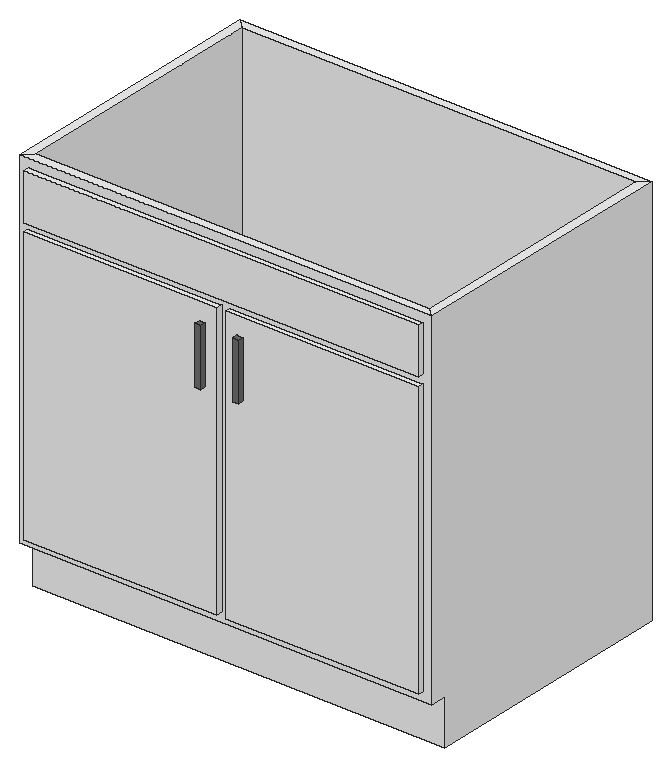
Revit family "M_Armário base-Unidade da pia com porta dupla", category Componentes de gabinete, Revit 2019
Family settings
  Número OmniClass = 23.40.35.17.47.11
  Título OmniClass = Kitchen Casework
  ID de item do Seek = Base Cabinet-Double Door Sink Unit-0000-CAN-ENU
  Com base no plano de trabalho = Não
  Sempre na vertical = Sim
  Corte com vazios quando carregada = Não
  Compartilhado = Não
  Ponto de cálculo do ambiente = Não
Parameters (values of type "900mm")
  Material do armário = none
  Linear = 600 mm
  Material da porta/gaveta = none
  Material do puxador = Armários - Puxadores
  Altura = 860 mm
  Profundidade da plataforma = 35 mm
  Altura do plinto = 100 mm
  Largura = 900 mm
Types (4, lengths in mm): name | Largura
  (no name) | 900
  1000mm | 1000
  900mm | 900
  1200mm | 1200
Reference planes
  plane 1 "Parte posterior": y = 0
  plane 2: z = 0
  plane 3 "Centro": x = 18.738
  plane 4 "Esquerda": x = -431.262
  plane 5 "Direita": x = 468.738
  plane 6 "Parte frontal": y = -600
  plane 7 "Superior": z = 860
  plane 8: y = -565
  plane 9: z = 100
  plane 10: z = 840.95
  plane 11: z = 119.05
  plane 12: x = -412.212
  plane 13: x = 449.688
  plane 14: z = 739.35
  plane 15: z = 720.3
  plane 16: z = 682.2
  plane 17: z = 580.6
  plane 18: x = -16.187
  plane 19: x = -28.887
  plane 20: x = 9.213
  plane 21: x = 28.263
  plane 22: x = 53.663
  plane 23: x = 66.363
  plane 24: z = 419.675
Forms (mm)
  Extrusion 1, solid, material <- "Material do armário"
    sketch origin (0, 0, 0) x (1, 0, 0) y (0, 1, 0)
      loop
        line (-431.262, 0) -> (-431.262, -565) -> (468.738, -565) -> (468.738, 0) -> (-431.262, 0)
    from 0 to 100
  Sweep 2, solid, material <- "Material do armário"
    path origin (0, 0, 0) x (1, 0, 0) y (0, 1, 0)
      loop
        line (468.738, 0) -> (-431.262, 0) -> (-431.262, -600) -> (468.738, -600) -> (468.738, 0)
    profile origin (0, -300, 0) x (1, 0, 0) y (0, 0, 1)
      loop
        line (468.738, 100) -> (468.738, 860) -> (449.688, 860) -> (449.688, 100) -> (468.738, 100)
  Extrusion 3, solid, material <- "Material do armário"
    sketch origin (0, 0, 0) x (1, 0, 0) y (0, 1, 0)
      loop
        line (-412.212, -19.05) -> (-412.212, -580.95) -> (449.688, -580.95) -> (449.688, -19.05) -> (-412.212, -19.05)
    from 119.05 to 100
  Extrusion 4, solid, material <- "Material da porta/gaveta"
    sketch origin (0, -600, 0) x (1, 0, 0) y (0, 0, 1)
      loop
        line (-412.212, 720.3) -> (-412.212, 119.05) -> (9.213, 119.05) -> (9.213, 720.3) -> (-412.212, 720.3)
      loop
        line (28.263, 720.3) -> (28.263, 119.05) -> (449.688, 119.05) -> (449.688, 720.3) -> (28.263, 720.3)
      loop
        line (-412.212, 840.95) -> (-412.212, 739.35) -> (449.688, 739.35) -> (449.688, 840.95) -> (-412.212, 840.95)
    from 0 to 12.7
  Extrusion 5, solid, material "Armários - Puxadores" <- "Material do puxador"
    sketch origin (0, -600, 0) x (1, 0, 0) y (0, 0, 1)
      loop
        line (-28.887, 682.2) -> (-28.887, 557.47) -> (-16.187, 557.47) -> (-16.187, 682.2) -> (-28.887, 682.2)
      loop
        line (53.663, 682.2) -> (53.663, 557.47) -> (66.363, 557.47) -> (66.363, 682.2) -> (53.663, 682.2)
    from 12.7 to 25.4
Cuts and joins
  joined: Extrusion 1, Sweep 2
Lines and regions (mm)
  Masking region 1
    outline origin (0, 0, 0) x (1, 0, 0) y (0, 1, 0)
      loop
        line (-431.262, 0) -> (-431.262, -600) -> (468.738, -600) -> (468.738, 0) -> (-431.262, 0)
  model lines
    curve 1: line (449.688, -600, 739.35) -> (-412.212, -600, 739.35)
    curve 2: line (449.688, -600, 840.95) -> (449.688, -600, 739.35)
    curve 3: line (-412.212, -600, 840.95) -> (449.688, -600, 840.95)
    curve 4: line (-412.212, -600, 739.35) -> (-412.212, -600, 840.95)
    curve 5: line (449.688, -600, 119.05) -> (28.263, -600, 119.05)
    curve 6: line (449.688, -600, 720.3) -> (449.688, -600, 119.05)
    curve 7: line (-412.212, -600, 720.3) -> (9.213, -600, 720.3)
    curve 8: line (-412.212, -600, 119.05) -> (-412.212, -600, 720.3)
    curve 9: line (-28.887, -600, 682.2) -> (-16.187, -600, 682.2)
    curve 10: line (-28.887, -600, 580.6) -> (-28.887, -600, 682.2)
    curve 11: line (-16.187, -600, 580.6) -> (-28.887, -600, 580.6)
    curve 12: line (-16.187, -600, 682.2) -> (-16.187, -600, 580.6)
    curve 13: line (28.263, -600, 119.05) -> (28.263, -600, 720.3)
    curve 14: line (9.213, -600, 119.05) -> (9.213, -600, 720.3)
    curve 15: line (66.363, -600, 682.2) -> (53.663, -600, 682.2)
    curve 16: line (66.363, -600, 580.6) -> (66.363, -600, 682.2)
    curve 17: line (53.663, -600, 580.6) -> (66.363, -600, 580.6)
    curve 18: line (53.663, -600, 682.2) -> (53.663, -600, 580.6)
    curve 19: line (28.263, -600, 720.3) -> (449.688, -600, 720.3)
    curve 20: line (9.213, -600, 119.05) -> (-412.212, -600, 119.05)
  symbolic lines, style "Giro da elevação"
    curve 21: line (9.213, 0, 720.3) -> (-412.212, 0, 419.675)
    curve 22: line (-412.212, 0, 419.675) -> (9.213, 0, 119.05)
    curve 23: line (28.263, 0, 119.05) -> (449.688, 0, 419.675)
    curve 24: line (449.688, 0, 419.675) -> (28.263, 0, 720.3)
Dimensions and locks
  "Linear": plane 6 "Parte frontal" to plane 1 "Parte posterior"
  "Largura": plane 4 "Esquerda" to plane 5 "Direita"
  equal spacing: plane 4 "Esquerda", plane 3 "Centro", plane 5 "Direita"
  "Altura": level to plane 7 "Superior"
  "Altura do plinto": plane 2 to plane 9
  "Profundidade da plataforma": plane 6 "Parte frontal" to plane 8
  locked: plane 4 "Esquerda" to plane 12 at 19.05
  locked: plane 13 to plane 5 "Direita" at 19.05
  locked: plane 7 "Superior" to plane 10 at 19.05
  locked: plane 11 to plane 9 at 19.05
  plane 10 to plane 14 to plane 15 = 101.6 mm locked, 19.05 mm locked
  plane 15 to plane 16 to plane 17 = 38.1 mm locked, 101.6 mm locked
  plane 21 to plane 3 "Centro" to plane 20 = 9.525 mm locked, 9.525 mm locked
  plane 20 to plane 18 to plane 19 = 25.4 mm locked, 12.7 mm locked
  plane 21 to plane 22 to plane 23 = 25.4 mm locked, 12.7 mm locked
  equal spacing: plane 15, plane 24, plane 11
  aligned and locked: plane 1 "Parte posterior" to Extrusion 1 sketch curve
  aligned and locked: Extrusion 1 sketch curve to plane 5 "Direita"
  aligned and locked: Extrusion 1 sketch curve to plane 8
  aligned and locked: plane 4 "Esquerda" to Extrusion 1 sketch curve
  aligned and locked: Extrusion 1 to level
  aligned and locked: Sweep 2 sketch curve to plane 6 "Parte frontal"
  aligned and locked: plane 1 "Parte posterior" to Sweep 2 sketch curve
  aligned and locked: Sweep 2 sketch curve to plane 5 "Direita"  (x2)
  aligned and locked: plane 4 "Esquerda" to Sweep 2 sketch curve
  aligned and locked: plane 7 "Superior" to Sweep 2 sketch curve
  aligned and locked: plane 9 to Sweep 2 sketch curve
  aligned and locked: Sweep 2 to Extrusion 3 sketch curve  (x2)
  aligned and locked: Extrusion 3 sketch curve to Sweep 2  (x2)
  aligned and locked: Extrusion 3 to plane 11
  aligned and locked: Extrusion 3 to plane 9
  aligned and locked: plane 9 to Extrusion 1
  aligned and locked: plane 1 "Parte posterior" to Masking region 1 sketch curve
  aligned and locked: plane 4 "Esquerda" to Masking region 1 sketch curve
  aligned and locked: Masking region 1 sketch curve to plane 6 "Parte frontal"
  aligned and locked: Masking region 1 sketch curve to plane 5 "Direita"
Automatic sketch dimensions
  profile plane to Sweep 2 sketch curve = 19.05 mm
  Extrusion 4 sketch curve to plane 11 = 0 mm  (x2)
  Extrusion 4 sketch curve to plane 12 = 0 mm  (x2)
  Extrusion 4 sketch curve to plane 15 = 0 mm  (x2)
  Extrusion 4 sketch curve to plane 20 = 0 mm
  Extrusion 4 sketch curve to plane 21 = 0 mm
  Extrusion 4 sketch curve to plane 10 = 0 mm
  Extrusion 4 sketch curve to plane 13 = 0 mm  (x2)
  Extrusion 4 sketch curve to plane 14 = 0 mm
  Extrusion 5 sketch curve to plane 19 = 0 mm
  Extrusion 5 sketch curve to plane 18 = 0 mm
  Extrusion 5 sketch curve to plane 16 = 0 mm  (x2)
  Extrusion 5 sketch curve to plane 22 = 0 mm
  Extrusion 5 sketch curve to plane 23 = 0 mm
  plane 17 to Extrusion 5 sketch curve = 23.13 mm  (x2)
  curve 1 to plane 13 = 0 mm
  curve 24 to plane 13 = 0 mm
  curve 19 to plane 13 = 0 mm
  curve 16 to plane 17 = 0 mm
  curve 16 to plane 23 = 0 mm
  curve 17 to plane 22 = 0 mm
  curve 5 to plane 11 = 0 mm
  curve 5 to plane 21 = 0 mm
  curve 23 to plane 11 = 0 mm
  curve 23 to plane 21 = 0 mm
  curve 24 to plane 15 = 0 mm
  curve 24 to plane 21 = 0 mm
  curve 7 to plane 15 = 0 mm
  curve 7 to plane 20 = 0 mm
  curve 22 to plane 11 = 0 mm
  curve 22 to plane 20 = 0 mm
  curve 21 to plane 15 = 0 mm
  curve 21 to plane 20 = 0 mm
  curve 9 to plane 16 = 0 mm
  curve 9 to plane 18 = 0 mm
  curve 11 to plane 17 = 0 mm
  curve 11 to plane 19 = 0 mm
  curve 8 to plane 11 = 0 mm
  curve 8 to plane 12 = 0 mm
  curve 4 to plane 10 = 0 mm
  curve 4 to plane 12 = 0 mm
  curve 21 to plane 12 = 0 mm
  curve 2 to plane 14 = 0 mm
  curve 19 to plane 15 = 0 mm
  curve 15 to plane 16 = 0 mm
  curve 21 to plane 24 = 0 mm
  curve 23 to plane 24 = 0 mm
